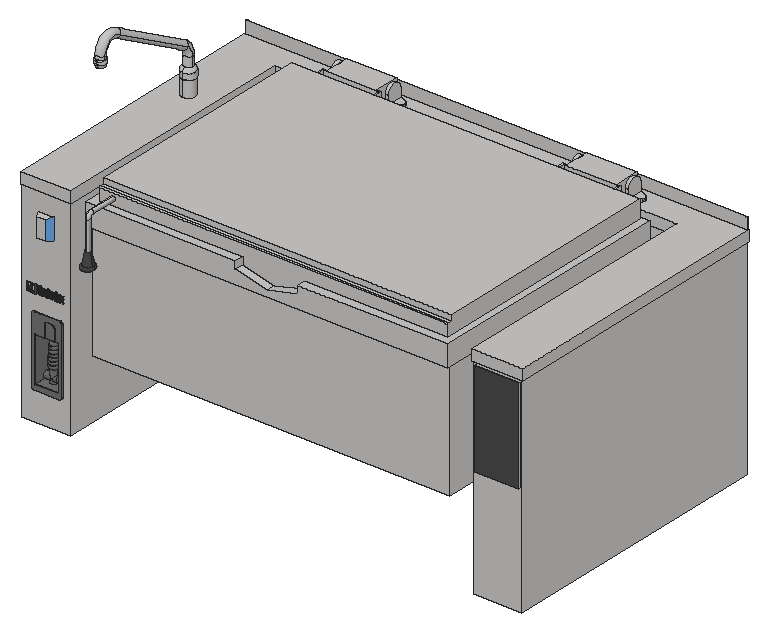
Revit family "QF_ELECTROLUXPROFESSIONAL_586957_PFET17ELES", category Specialty Equipment, Revit 2018 (continued)
Automatic sketch dimensions
  Extrusion 25 sketch curve to Extrusion 25 sketch curve = 0.385 mm  (x2)
  Extrusion 25 sketch curve to Extrusion 25 sketch curve = 2.117 mm
  Extrusion 25 sketch curve to Extrusion 25 sketch curve = 0.295 mm  (x2)
  Extrusion 25 sketch curve to Extrusion 25 sketch curve = 0.968 mm
  Extrusion 25 sketch curve to Extrusion 25 sketch curve = 3.826 mm
  Extrusion 25 sketch curve to Extrusion 25 sketch curve = 1.018 mm  (x2)
  Extrusion 25 sketch curve to Extrusion 25 sketch curve = 4.718 mm
  Extrusion 25 sketch curve to Extrusion 25 sketch curve = 2.967 mm
  Extrusion 25 sketch curve to Extrusion 25 sketch curve = 1.662 mm
  Extrusion 25 sketch curve to Extrusion 25 sketch curve = 1.626 mm  (x3)
  Extrusion 25 sketch curve to Extrusion 25 sketch curve = 1.65 mm
  Extrusion 25 sketch curve to Extrusion 25 sketch curve = 1.192 mm
  Extrusion 25 sketch curve to Extrusion 25 sketch curve = 2.57 mm  (x2)
  Extrusion 25 sketch curve to Extrusion 25 sketch curve = 3.444 mm  (x2)
  Extrusion 25 sketch curve to Extrusion 25 sketch curve = 1.343 mm  (x2)
  Extrusion 25 sketch curve to Extrusion 25 sketch curve = 1.353 mm  (x2)
  Extrusion 25 sketch curve to Extrusion 25 sketch curve = 0.027 mm  (x2)
  Extrusion 25 sketch curve to Extrusion 25 sketch curve = 0.395 mm  (x2)
  Extrusion 25 sketch curve to Extrusion 25 sketch curve = 0.329 mm  (x2)
  Extrusion 25 sketch curve to Extrusion 25 sketch curve = 0.425 mm  (x2)
  Extrusion 25 sketch curve to Extrusion 25 sketch curve = 0.051 mm  (x2)
  Extrusion 25 sketch curve to Extrusion 25 sketch curve = 0.495 mm  (x2)
  Extrusion 25 sketch curve to Extrusion 25 sketch curve = 0.267 mm  (x2)
  Extrusion 25 sketch curve to Extrusion 25 sketch curve = 1.40 mm
  Extrusion 25 sketch curve to Extrusion 25 sketch curve = 5.233 mm
  Extrusion 25 sketch curve to Extrusion 25 sketch curve = 2.062 mm
  plane 3 "LEFT" to Extrusion 26 sketch curve = 43.40 mm
  Extrusion 26 sketch curve to Extrusion 26 sketch curve = 82.00 mm
  plane 7 to Extrusion 26 sketch curve = 105.944 mm
  Extrusion 26 sketch curve to Extrusion 26 sketch curve = 195.00 mm
  Extrusion 27 sketch curve to plane 6 "TOP" = 0.00 mm
  Extrusion 27 sketch curve to plane 1 "BACK" = 0.00 mm
  Extrusion 27 sketch curve to Extrusion 27 sketch curve = 2.00 mm
  plane 6 "TOP" to Extrusion 27 sketch curve = 37.998 mm
  radius of Sweep 5 sketch curve = 6.119 mm
  radius of Extrusion 22 sketch curve = 6.35 mm  (x2)
  radius of Extrusion 23 sketch curve = 6.35 mm
  radius of curve 28 = 25.00 mm
  radius of Extrusion 25 sketch curve = 2.453 mm
  radius of Extrusion 25 sketch curve = 1.557 mm
  radius of Extrusion 25 sketch curve = 1.468 mm
  radius of Extrusion 25 sketch curve = 2.451 mm
Nested families
  nested 1: "QF_ELECTROLUXPROFESSIONAL_RubSprint" at (80, -330.346, 900), type "QF_ELECTROLUXPROFESSIONAL_RubSprint"
  nested 2: "QF_ELECTROLUXPROFESSIONAL_SprayGun" at (80.4, -837, 291.944), type "QF_ELECTROLUXPROFESSIONAL_SprayGun"
Connectors
  electrical at (1521.204, 5, 395), driven by "Volts"
    settings: on Extrusion 23, index 1, voltage 400 V, apparent load 20600 VA, apparent load phase1 0 VA, apparent load phase2 0 VA, apparent load phase3 0 VA, power factor 1, load classification "Other", number of poles 1, system type 30, power factor state 1, is connector primary yes, connector utility no, sub classification motor no, connector description "Electrical Connection"
  piping at (106.204, 5, 395), diameter 12.7
    settings: on Extrusion 22, index 2, connector inside diameter 1/2", connector length 0.00 mm, flow factor 0, pipe flow 0 GPM, pressure drop 0.00 psi, fitting loss kfactor 0, connector angle 0.00°, fixture units 0, engagement length 0.00 mm, angle of deflection 0.00°, flow configuration 1, flow direction 1, fitting loss method 0, system type 20, joint type 0, gender type 0, connector reference index -1, connector utility 0, adjustable connector no, is connector primary yes, connector description "Cold Water Inlet"
  piping at (46.204, 5, 395), diameter 12.7
    settings: on Extrusion 22, index 3, connector inside diameter 1/2", connector length 0.00 mm, flow factor 0, pipe flow 0 GPM, pressure drop 0.00 psi, fitting loss kfactor 0, connector angle 0.00°, fixture units 0, engagement length 0.00 mm, angle of deflection 0.00°, flow configuration 1, flow direction 1, fitting loss method 0, system type 19, joint type 0, gender type 0, connector reference index -1, connector utility 0, adjustable connector no, is connector primary no, connector description "Hot Water Inlet"
Definition of nested family "QF_ELECTROLUXPROFESSIONAL_RubSprint"
  Reference planes
    plane 1 "Center (Front/Back)": y = 0
    plane 2: z = 0
    plane 3 "Center (Left/Right)": x = 0
  Forms (mm)
    Revolve 1, solid
      sketch origin (0, 0, 0) x (0, 1, 0) y (0, 0, 1)
        loop
          line (-21, 0) -> (0, 0) -> (0, 82.75) -> (-14.385, 82.75)
          arc (-14.385, 82.75) -> (-19.409, 76.68) -> (-22.385, 69.383) r 26
          line (-22.385, 69.383) -> (-22.385, 51.306) -> (-21, 50.388) -> (-21, 0)
        axis (0, 82.75) -> (0, 0)
      angle from 0 to 360
    Sweep 2, solid
      path origin (0, 0, 0) x (0, 1, 0) y (0, 0, 1)
        loop
          line (0, 82.75) -> (0, 113.75)
          arc (0, 113.75) -> (-5.44, 133.889) -> (-20.279, 148.551) r 40
          line (-20.279, 148.551) -> (-290.279, 301.55)
          arc (-290.279, 301.55) -> (-330.139, 301.31) -> (-349.999, 266.749) r 40
          line (-349.999, 266.749) -> (-349.999, 257.884)
      profile origin (0, 0, 98.25) x (0, -1, 0) y (1, 0, 0)
        loop
          circle (0, 0) r 13.5
    Revolve 3, solid
      sketch origin (0, 0, 0) x (0, 1, 0) y (0, 0, 1)
        loop
          line (-333.717, 244.264) -> (-333.717, 254.236)
          arc (-333.717, 254.236) -> (-334.434, 255.758) -> (-335.779, 256.77) r 3.5
          line (-335.779, 256.77) -> (-336.499, 257.884) -> (-349.999, 257.884) -> (-349.999, 233.05) -> (-339.2, 233.05)
          arc (-339.2, 233.05) -> (-338.052, 233.411) -> (-337.32, 234.365) r 2
          line (-337.32, 234.365) -> (-333.717, 244.264)
        axis (-349.999, 257.884) -> (-349.999, 233.05)
      angle from 0 to 360
  Lines and regions (mm)
    symbolic lines
      curve 1: arc (-13.5, -17.856, 0) -> (0, 22.385, 0) -> (13.5, -17.856, 0) r 22.385
      curve 2: arc (-13.5, 0, 0) -> (0, 13.5, 0) -> (13.5, 0, 0) r 13.5
      curve 3: arc (-13.5, -349.999, 0) -> (0, -363.499, 0) -> (13.5, -349.999, 0) r 13.5
      curve 4: arc (-13.5, -340.897, 0) -> (0, -366.281, 0) -> (13.5, -340.897, 0) r 16.282
      curve 5: line (13.5, -349.999, 0) -> (13.5, 0, 0)
      curve 6: line (-13.5, -349.999, 0) -> (-13.5, 0, 0)
  Dimensions and locks
    aligned and locked: level to plane 2
Definition of nested family "QF_ELECTROLUXPROFESSIONAL_SprayGun"
  Reference planes
    plane 1 "Center (Front/Back)": y = 0
    plane 2: z = 0
    plane 3 "SGy": x = 13
    plane 4 "AxeZ": y = -45
    plane 5 "Center (Left/Right)": x = 4
    plane 6 "Center (Top/Right)": z = 112.5
  Forms (mm)
    Revolve 1, solid
      sketch origin (0, -45, 0) x (0, 0, 1) y (-1, 0, 0)
        loop
          line (73.98, -1.423) -> (33.98, -1.423) -> (33.98, -13) -> (151.7, -13) -> (151.7, -4.362)
          arc (151.7, -4.362) -> (147.093, -1.396) -> (141.64, -1.926) r 8.345
          arc (141.64, -1.926) -> (140.226, -2.024) -> (139.103, -1.16) r 2
          arc (139.103, -1.16) -> (138.832, -0.814) -> (138.493, -0.536) r 2
          arc (138.493, -0.536) -> (134.77, 0.557) -> (131.061, -0.581) r 6.745
          arc (131.061, -0.581) -> (129.812, -0.914) -> (128.62, -0.414) r 2
          arc (128.62, -0.414) -> (124.347, 1.338) -> (119.917, 0.035) r 6.972
          arc (119.917, 0.035) -> (118.79, -0.341) -> (117.648, -0.011) r 2
          arc (117.648, -0.011) -> (113.81, 1.188) -> (109.921, 0.166) r 7.275
          arc (109.921, 0.166) -> (108.725, -0.109) -> (107.594, 0.367) r 2
          arc (107.594, 0.367) -> (103.55, 1.928) -> (99.427, 0.587) r 6.475
          arc (99.427, 0.587) -> (98.262, 0.173) -> (97.076, 0.524) r 2
          arc (97.076, 0.524) -> (92.711, 1.941) -> (88.277, 0.758) r 8.094
          arc (88.277, 0.758) -> (87.212, 0.464) -> (86.153, 0.781) r 2
          arc (86.153, 0.781) -> (79.633, 2.075) -> (73.98, -1.423) r 9.075
        axis (151.7, -13) -> (33.98, -13)
      angle from 0 to 360
    Revolve 2, solid
      sketch origin (0, -45, 0) x (0, 0, 1) y (-1, 0, 0)
        loop
          line (47.58, 11.558) -> (40.98, 11.558) -> (40.98, 9.577) -> (35.98, 9.577) -> (35.98, -30.423) -> (40.98, -30.423) -> (40.98, -35.423) -> (47.58, -35.423) -> (47.58, 11.558)
        axis (47.58, 11.558) -> (47.58, -35.423)
      angle from 0 to 360
    Extrusion 3, solid
      sketch origin (0, -45, 0) x (1, 0, 0) y (0, 1, 0)
        loop
          line (21.638, 0) -> (17.319, 7.481) -> (8.681, 7.481) -> (4.362, 0) -> (8.681, -7.481) -> (17.319, -7.481) -> (21.638, 0)
      from 151.7 to 160.974
    Extrusion 4, solid
      sketch origin (0, 0, 0) x (1, 0, 0) y (0, 0, 1)
        loop
          arc (-45, 10) -> (-42.071, 2.929) -> (-35, 0) r 10
          line (-35, 0) -> (43, 0)
          arc (43, 0) -> (50.071, 2.929) -> (53, 10) r 10
          line (53, 10) -> (53, 215)
          arc (53, 215) -> (50.071, 222.071) -> (43, 225) r 10
          line (43, 225) -> (-35, 225)
          arc (-35, 225) -> (-42.071, 222.071) -> (-45, 215) r 10
          line (-45, 215) -> (-45, 10)
        loop
          line (-35, 162) -> (-35, 16) -> (43, 16) -> (43, 162) -> (29, 162) -> (29, 199)
          arc (29, 199) -> (26.657, 204.657) -> (21, 207) r 8
          line (21, 207) -> (5, 207)
          arc (5, 207) -> (-0.657, 204.657) -> (-3, 199) r 8
          line (-3, 199) -> (-3, 162) -> (-35, 162)
      from 63 to 60
    Extrusion 5, solid
      sketch origin (0, 0, 0) x (1, 0, 0) y (0, 0, 1)
        loop
          line (-35, 16) -> (43, 16) -> (43, 162) -> (29, 162) -> (29, 199)
          arc (29, 199) -> (26.657, 204.657) -> (21, 207) r 8
          line (21, 207) -> (5, 207)
          arc (5, 207) -> (-0.657, 204.657) -> (-3, 199) r 8
          line (-3, 199) -> (-3, 162) -> (-35, 162) -> (-35, 16)
        loop
          line (31, 164) -> (31, 199)
          arc (31, 199) -> (28.071, 206.071) -> (21, 209) r 10
          line (21, 209) -> (5, 209)
          arc (5, 209) -> (-2.071, 206.071) -> (-5, 199) r 10
          line (-5, 199) -> (-5, 164) -> (-37, 164) -> (-37, 14) -> (45, 14) -> (45, 164) -> (31, 164)
      from 0 to 60
    Extrusion 6, solid
      sketch origin (0, 0, 0) x (1, 0, 0) y (0, 0, 1)
        loop
          line (-37, 164) -> (-37, 14) -> (45, 14) -> (45, 164) -> (-37, 164)
      from 6 to 0
    Extrusion 7, solid
      sketch origin (0, 0, 0) x (1, 0, 0) y (0, 0, 1)
        loop
          line (28, 160.974) -> (28, 198)
          arc (28, 198) -> (25.657, 203.657) -> (20, 206) r 8
          line (20, 206) -> (6, 206)
          arc (6, 206) -> (0.343, 203.657) -> (-2, 198) r 8
          line (-2, 198) -> (-2, 160.974) -> (28, 160.974)
      from 0 to 63
  Dimensions and locks
    equal spacing: Extrusion 4, plane 5 "Center (Left/Right)", Extrusion 4
    Extrusion 4 to Extrusion 4 = 225.00 mm
    Extrusion 4 to Extrusion 4 = 98.00 mm
    aligned and locked: level to plane 2
  Automatic sketch dimensions
    plane 3 "SGy" to Revolve 1 sketch curve = 0.00 mm  (x2)
    plane 5 "Center (Left/Right)" to Revolve 1 sketch curve = 2.577 mm
    level to Revolve 1 sketch curve = 33.98 mm
    Revolve 1 sketch curve to Revolve 1 sketch curve = 40.00 mm
    Revolve 1 sketch curve to plane 5 "Center (Left/Right)" = 2.854 mm
    Revolve 1 sketch curve to Revolve 1 sketch curve = 7.27 mm
    Revolve 1 sketch curve to Revolve 1 sketch curve = 5.984 mm
    Revolve 1 sketch curve to plane 5 "Center (Left/Right)" = 2.15 mm
    Revolve 1 sketch curve to Revolve 1 sketch curve = 5.262 mm
    Revolve 1 sketch curve to Revolve 1 sketch curve = 5.712 mm
    Revolve 1 sketch curve to plane 5 "Center (Left/Right)" = 0.545 mm
    Revolve 1 sketch curve to Revolve 1 sketch curve = 5.167 mm
    Revolve 1 sketch curve to Revolve 1 sketch curve = 5.522 mm
    Revolve 1 sketch curve to plane 5 "Center (Left/Right)" = 2.085 mm
    Revolve 1 sketch curve to Revolve 1 sketch curve = 4.746 mm
    Revolve 1 sketch curve to Revolve 1 sketch curve = 5.106 mm
    Revolve 1 sketch curve to plane 5 "Center (Left/Right)" = 1.624 mm
    Revolve 1 sketch curve to Revolve 1 sketch curve = 5.239 mm
    Revolve 1 sketch curve to Revolve 1 sketch curve = 5.96 mm
    Revolve 1 sketch curve to plane 5 "Center (Left/Right)" = 2.187 mm
    Revolve 1 sketch curve to Revolve 1 sketch curve = 4.862 mm
    plane 5 "Center (Left/Right)" to Revolve 1 sketch curve = 1.788 mm
    Revolve 1 sketch curve to Revolve 1 sketch curve = 2.59 mm
    Revolve 1 sketch curve to Revolve 1 sketch curve = 3.403 mm
    plane 3 "SGy" to Revolve 1 sketch curve = 3.493 mm
    Revolve 1 sketch curve to Revolve 1 sketch curve = 4.325 mm
    Revolve 1 sketch curve to Revolve 1 sketch curve = 6.57 mm
    Revolve 1 sketch curve to plane 5 "Center (Left/Right)" = 0.362 mm
    plane 5 "Center (Left/Right)" to Revolve 1 sketch curve = 3.891 mm
    plane 5 "Center (Left/Right)" to Revolve 1 sketch curve = 5.081 mm
    plane 5 "Center (Left/Right)" to Revolve 1 sketch curve = 5.658 mm
    plane 5 "Center (Left/Right)" to Revolve 1 sketch curve = 5.884 mm
    plane 5 "Center (Left/Right)" to Revolve 1 sketch curve = 6.173 mm
    plane 5 "Center (Left/Right)" to Revolve 1 sketch curve = 6.464 mm
    Revolve 1 sketch curve to Revolve 1 sketch curve = 7.72 mm
    Revolve 1 sketch curve to Revolve 1 sketch curve = 0.00 mm  (x12)
    Revolve 1 sketch curve to Revolve 1 sketch curve = 1.57 mm
    Revolve 2 sketch curve to plane 3 "SGy" = 17.423 mm
    level to Revolve 2 sketch curve = 35.98 mm
    Revolve 2 sketch curve to Revolve 2 sketch curve = 5.00 mm  (x3)
    Revolve 2 sketch curve to Revolve 2 sketch curve = 6.60 mm
    plane 5 "Center (Left/Right)" to Revolve 2 sketch curve = 13.577 mm
    Revolve 2 sketch curve to Revolve 2 sketch curve = 1.981 mm
    Revolve 2 sketch curve to Revolve 2 sketch curve = 0.00 mm  (x2)
    Revolve 2 sketch curve to Revolve 2 sketch curve = 4.326 mm
    plane 4 "AxeZ" to Extrusion 3 sketch curve = 0.00 mm  (x2)
    Extrusion 3 sketch curve to plane 5 "Center (Left/Right)" = 0.362 mm
    plane 3 "SGy" to Extrusion 3 sketch curve = 4.319 mm  (x2)
    Extrusion 3 sketch curve to plane 3 "SGy" = 4.319 mm  (x2)
    Extrusion 3 sketch curve to Extrusion 3 sketch curve = 4.319 mm
    plane 4 "AxeZ" to Extrusion 3 sketch curve = 7.481 mm
    Extrusion 3 sketch curve to plane 4 "AxeZ" = 7.481 mm
    Extrusion 4 sketch curve to level = 0.00 mm
    level to Extrusion 4 sketch curve = 10.00 mm
    plane 5 "Center (Left/Right)" to Extrusion 4 sketch curve = 49.00 mm
    Extrusion 4 sketch curve to Extrusion 4 sketch curve = 10.00 mm  (x2)
    Extrusion 4 sketch curve to Extrusion 4 sketch curve = 0.00 mm  (x3)
    plane 5 "Center (Left/Right)" to Extrusion 4 sketch curve = 7.00 mm
    Extrusion 4 sketch curve to plane 5 "Center (Left/Right)" = 1.00 mm
    Extrusion 4 sketch curve to plane 3 "SGy" = 8.00 mm
    Extrusion 4 sketch curve to plane 3 "SGy" = 16.00 mm
    Extrusion 4 sketch curve to Extrusion 4 sketch curve = 14.00 mm  (x2)
    Extrusion 4 sketch curve to Extrusion 4 sketch curve = 6.00 mm
    Extrusion 4 sketch curve to Extrusion 4 sketch curve = 146.00 mm
    Extrusion 4 sketch curve to Extrusion 4 sketch curve = 37.00 mm
    Extrusion 4 sketch curve to Extrusion 4 sketch curve = 16.00 mm
    Extrusion 5 sketch curve to Extrusion 5 sketch curve = 0.00 mm  (x5)
    level to Extrusion 5 sketch curve = 14.00 mm
    plane 5 "Center (Left/Right)" to Extrusion 5 sketch curve = 41.00 mm
    Extrusion 5 sketch curve to Extrusion 5 sketch curve = 2.00 mm  (x6)
    plane 5 "Center (Left/Right)" to Extrusion 5 sketch curve = 9.00 mm
    Extrusion 5 sketch curve to plane 5 "Center (Left/Right)" = 1.00 mm
    Extrusion 5 sketch curve to plane 3 "SGy" = 8.00 mm
    Extrusion 5 sketch curve to Extrusion 5 sketch curve = 8.00 mm
    Extrusion 5 sketch curve to plane 3 "SGy" = 30.00 mm
    Extrusion 5 sketch curve to Extrusion 5 sketch curve = 146.00 mm
    Extrusion 5 sketch curve to Extrusion 5 sketch curve = 35.00 mm
    level to Extrusion 6 sketch curve = 14.00 mm
    plane 5 "Center (Left/Right)" to Extrusion 6 sketch curve = 41.00 mm
    Extrusion 6 sketch curve to plane 3 "SGy" = 32.00 mm
    Extrusion 6 sketch curve to Extrusion 6 sketch curve = 150.00 mm
    plane 5 "Center (Left/Right)" to Extrusion 7 sketch curve = 6.00 mm
    Extrusion 7 sketch curve to plane 5 "Center (Left/Right)" = 2.00 mm
    Extrusion 7 sketch curve to plane 3 "SGy" = 7.00 mm
    Extrusion 7 sketch curve to plane 3 "SGy" = 15.00 mm
    level to Extrusion 7 sketch curve = 160.974 mm
    Extrusion 7 sketch curve to Extrusion 7 sketch curve = 37.026 mm
